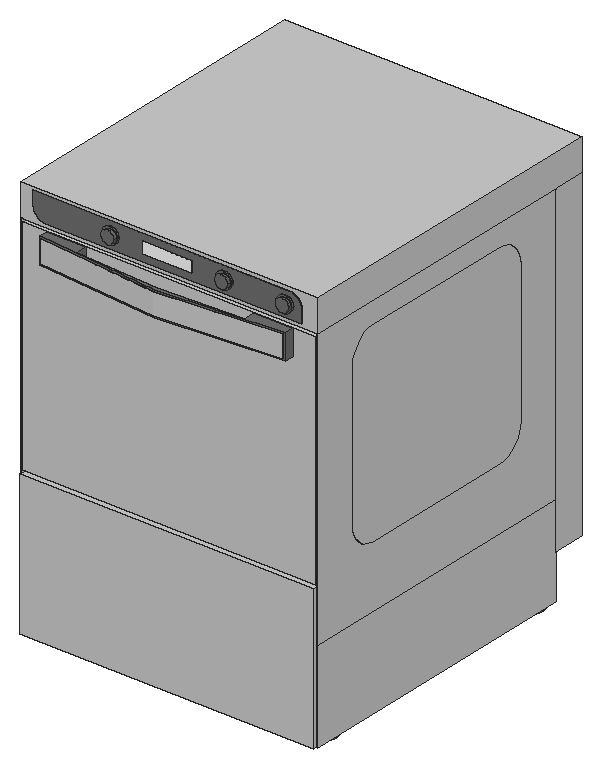
Revit family "QF_COMENDA_B02060_B02460CAT", category Attrezzature speciali, Revit 2021
Family settings
  Quota connettore circolare = Usa diametro
  Tipo di parte = Normale
  Numero OmniClass = 23.40.40.14
  Titolo OmniClass = Food Service Equipment
  Basato su piano di lavoro = No
  Sempre verticale = Sì
  Taglio con vuoti quando caricato = No
  Condiviso = No
  Punto di calcolo locali = No
Parameters (values of type "B02460")
  URL catalogo = "https://comenda.eu/download/equilybra/"
  URL = "www.comenda.eu"
  Tensione = 230 V
  Temperatura raccomandata per acqua fredda = 15 °C
  Show Logo [instance] = yes
  Show Clearance [instance] = yes
  Protezione contro le sovracorrenti = 16 A
  Prospetto di default = 0 mm
  Profondità = 515 mm
  Potenza elettrica = 2760 W
  Pessione minima acqua fredda = 2000.0 Pa
  Peso netto = 40.00 kg
  Numero dei poli = 1
  Modello = "EB28"
  Produttore = "COMENDA"
  Lunghezza = 460 mm
  Frequenza = 50 Hz
  Fase = 1
  Diametro dello scarico diretto di acqua = 1 3/8"
  Diametro condotta acqua fredda = 3/4"
  Descrizione = "SINGLE-PHASE GLASSWASHER WITH WATER SOFTENER"
  Corrente di funzionamento normale = 12 A
  Assembly Code = ""
  Altezza dello scarico diretto acqua da pavimento finito = 35 mm
  Altezza allacciamento elettrico da pavimento finito = 76 mm
  Altezza allacciamento acqua fredda da pavimento finito = 76 mm
  Altezza = 630 mm
Types (2, lengths in mm): name | Descrizione
  B02060 | "SINGLE-PHASE GLASSWASHER"
  B02460 | "SINGLE-PHASE GLASSWASHER WITH WATER SOFTENER"
Reference planes
  plane 1 "Back": y = -10
  plane 2: z = 0
  plane 3 "Left": x = 0
  plane 4 "Right": x = 460
  plane 5 "Front": y = -525
  plane 6 "Top": z = 630
Forms (mm)
  Extrusion 1, solid
    sketch origin (-278.068, 503.132, 400) x (0, 1, 0) y (0, 0, 1)
      loop
        line (-998.132, -171.9) -> (-1028.132, -171.9) -> (-1028.132, -393) -> (-998.132, -393) -> (-998.132, -171.9)
    from 281.068 to 735.068
  Extrusion 2, solid
    sketch origin (-0.2, 499.132, 365.752) x (0, 1, 0) y (0, 0, 1)
      loop
        line (-667.132, 180.4) -> (-912.132, 180.4)
        arc (-912.132, 180.4) -> (-940.416, 168.684) -> (-952.132, 140.4) r 40
        line (-952.132, 140.4) -> (-952.132, -79.72)
        arc (-952.132, -79.72) -> (-940.416, -108.004) -> (-912.132, -119.72) r 40
        line (-912.132, -119.72) -> (-667.132, -119.72)
        arc (-667.132, -119.72) -> (-638.848, -108.004) -> (-627.132, -79.72) r 40
        line (-627.132, -79.72) -> (-627.132, 140.4)
        arc (-627.132, 140.4) -> (-638.848, 168.684) -> (-667.132, 180.4) r 40
    from 0 to 2
  Extrusion 3, solid
    sketch origin (221.932, -470, 400) x (1, 0, 0) y (0, 0, 1)
      loop
        line (-218.932, 175.22) -> (-218.932, -167.9) -> (235.068, -167.9) -> (235.068, 175.22) -> (-218.932, 175.22)
    from 25 to 50
  Extrusion 4, solid
    sketch origin (-5, 503.132, 400) x (0, 1, 0) y (0, 0, 1)
      loop
        line (-513.132, 230) -> (-1023.132, 230) -> (-1023.132, 180.3) -> (-513.132, 180.3) -> (-513.132, 230)
    from 5 to 465
  Extrusion 5, solid
    sketch origin (-278.068, -46, 400) x (1, 0, 0) y (0, 0, 1)
      loop
        circle (458.099, -364.995) r 19
    from 0 to 2
  Extrusion 6, solid
    sketch origin (25.354, -65.5, 395) x (1, 0, 0) y (0, 1, 0)
      loop
        circle (-4.8, -12) r 17.5
      loop
        circle (-4.8, -417.5) r 17.5
      loop
        circle (412.6, -12) r 17.5
      loop
        circle (412.6, -412.5) r 17.5
    from -395 to -388
  Extrusion 7, solid, visible <- "Show Clearance", detail levels coarse
    sketch origin (-5, 5, 404.516) x (0, 1, 0) y (0, 0, 1)
      loop
        line (-525, -171.9) -> (-525, 170.7)
        arc (-525, 170.7) -> (-760.279, 69.713) -> (-845, -171.9) r 318.199
        line (-845, -171.9) -> (-525, -171.9)
    from 8 to 462
  Extrusion 8, solid
    sketch origin (-278.068, 503.132, 148.5) x (1, 0, 0) y (0, 1, 0)
      loop
        line (738.068, -563.132) -> (278.068, -563.132) -> (278.068, -1023.132) -> (280.068, -1023.132) -> (280.068, -998.132) -> (736.068, -998.132) -> (736.068, -1023.132) -> (738.068, -1023.132) -> (738.068, -563.132)
    from 0 to 431.8
  Extrusion 9, solid
    sketch origin (-5, -10, 580.3) x (-1, 0, 0) y (0, 1, 0)
      loop
        line (-5, 0) -> (-465, 0) -> (-465, -50) -> (-5, -50) -> (-5, 0)
    from 0 to 504
  Extrusion 10, solid
    sketch origin (458, 498.812, 365.796) x (0, 1, 0) y (0, 0, 1)
      loop
        line (-667.132, 180.4) -> (-912.132, 180.4)
        arc (-912.132, 180.4) -> (-940.416, 168.684) -> (-952.132, 140.4) r 40
        line (-952.132, 140.4) -> (-952.132, -79.72)
        arc (-952.132, -79.72) -> (-940.416, -108.004) -> (-912.132, -119.72) r 40
        line (-912.132, -119.72) -> (-667.132, -119.72)
        arc (-667.132, -119.72) -> (-638.848, -108.004) -> (-627.132, -79.72) r 40
        line (-627.132, -79.72) -> (-627.132, 140.4)
        arc (-627.132, 140.4) -> (-638.848, 168.684) -> (-667.132, 180.4) r 40
    from 0 to 2
  Extrusion 11, solid
    sketch origin (-5, -10, 76.3) x (0, -1, 0) y (-1, 0, 0)
      loop
        circle (20.005, -87) r 13
    from 0 to 17
  Extrusion 12, solid
    sketch origin (-5, -10, 76.3) x (0, -1, 0) y (-1, 0, 0)
      loop
        circle (24, -321) r 8
    from 0 to 5
  Extrusion 13, solid
    sketch origin (-278.068, 503.132, 148.5) x (0, 1, 0) y (1, 0, 0)
      loop
        line (-998.132, 736.068) -> (-998.132, 280.068) -> (-1023.132, 280.068) -> (-1023.132, 278.068) -> (-563.132, 278.068) -> (-563.132, 738.068) -> (-1023.132, 738.068) -> (-1023.132, 736.068) -> (-998.132, 736.068)
    from 0 to 141.7
  Extrusion 14, solid
    sketch origin (-285.684, -518.2, 415.434) x (1, 0, 0) y (0, 0, 1)
      loop
        line (325.192, 169.93) -> (721.192, 169.93) -> (721.192, 189.93)
        arc (721.192, 189.93) -> (715.334, 204.072) -> (701.192, 209.93) r 20
        line (701.192, 209.93) -> (305.192, 209.93) -> (305.192, 189.93)
        arc (305.192, 189.93) -> (311.05, 175.788) -> (325.192, 169.93) r 20
    from 0 to 2
  Extrusion 15, solid
    sketch origin (-280.551, -518.4, 423.702) x (1, 0, 0) y (0, 0, 1)
      loop
        line (469.568, 190.618) -> (469.568, 172.618) -> (545.568, 172.618) -> (545.568, 190.618) -> (469.568, 190.618)
    from 0 to 2
  Extrusion 16, solid
    sketch origin (-288.051, -521.4, 424.2) x (1, 0, 0) y (0, 0, 1)
      loop
        circle (697.56, 181.053) r 10
      loop
        circle (603.573, 180.863) r 10
      loop
        circle (427.568, 181.029) r 10
    from 0 to 5
  Extrusion 17, solid
    sketch origin (-285.684, -520.2, 415.434) x (1, 0, 0) y (0, 0, 1)
      loop
        circle (425.2, 189.795) r 12.5
      loop
        circle (601.205, 189.629) r 12.5
      loop
        circle (695.192, 189.819) r 12.546
    from 0 to 2
  Extrusion 18, solid
    sketch origin (22.211, -470, 575.22) x (1, 0, 0) y (0, 1, 0)
      loop
        line (79, -67.603) -> (79, -50) -> (19, -50) -> (19, -64.2)
        arc (19, -64.2) -> (209, -80.017) -> (399, -64.2) r 1149.069
        line (399, -64.2) -> (399, -50) -> (339, -50) -> (339, -67.603)
        arc (339, -67.603) -> (209, -74.981) -> (79, -67.603) r 1149.032
    from 0 to -40
  Extrusion 19, solid
    sketch origin (22.211, -470, 575.22) x (1, 0, 0) y (0, 1, 0)
      loop
        arc (395.21, -62.52) -> (207.957, -77.812) -> (20.704, -62.518) r 1154
        line (20.704, -62.518) -> (20.704, -65.02)
        arc (20.704, -65.02) -> (207.957, -80.314) -> (395.21, -65.02) r 1154
        line (395.21, -65.02) -> (395.21, -62.52)
    from -37 to -3
Lines and regions (mm)
  symbolic lines, style "200-EquipBorder-2D"
    curve 1: line (460, -60, 0) -> (0, -60, 0)
    curve 2: line (0, -10, 0) -> (0, -60, 0)
    curve 3: line (460, -10, 0) -> (0, -10, 0)
    curve 4: line (460, -60, 0) -> (460, -10, 0)
    curve 5: line (460, -525, 0) -> (460, -60, 0)
    curve 6: line (0, -60, 0) -> (0, -525, 0)
    curve 7: line (0, -525, 0) -> (460, -525, 0)
  symbolic lines, style "QF_Door-Drawer Clearances", visible <- "Show Clearance"
    curve 8: line (3, -525, 0) -> (3, -820, 0)
    curve 9: line (457, -820, 0) -> (3, -820, 0)
    curve 10: line (457, -820, 0) -> (457, -525, 0)
Dimensions and locks
  plane 3 "Left" to plane 4 "Right" = 460 mm
  plane 5 "Front" to plane 1 "Back" = 515 mm
  plane 6 "Top" to level = 630 mm  (x2)
  "Altezza": level to plane 6 "Top"
  "Lunghezza": plane 3 "Left" to plane 4 "Right"
  "Profondità": plane 1 "Back" to plane 5 "Front"
  Extrusion 4 to Extrusion 8 = 49.7 mm
  Extrusion 14 to Extrusion 15 sketch curve = 11.044 mm
  Extrusion 14 to Extrusion 15 sketch curve = 169.509 mm
  Extrusion 18 to Extrusion 19 sketch curve = 1.704 mm
  Extrusion 19 sketch curve to Extrusion 18 = 3.79 mm
  aligned and locked: level to plane 2
  aligned and locked: plane 6 "Top" to Extrusion 4
  aligned and locked: Extrusion 8 to Extrusion 1
  aligned and locked: Extrusion 4 to plane 4 "Right"
Automatic sketch dimensions
  level to Extrusion 5 sketch curve = 35.005 mm
  plane 3 "Left" to Extrusion 5 sketch curve = 180.031 mm
  Extrusion 1 sketch curve to plane 5 "Front" = 0 mm
  plane 5 "Front" to Extrusion 1 sketch curve = 30 mm
  level to Extrusion 1 sketch curve = 7 mm
  Extrusion 1 sketch curve to Extrusion 1 sketch curve = 221.1 mm
  plane 5 "Front" to Extrusion 2 sketch curve = 72 mm
  Extrusion 2 sketch curve to Extrusion 2 sketch curve = 40 mm  (x3)
  plane 1 "Back" to Extrusion 2 sketch curve = 158 mm  (x2)
  level to Extrusion 2 sketch curve = 246.032 mm
  Extrusion 2 sketch curve to plane 6 "Top" = 123.848 mm
  plane 3 "Left" to Extrusion 3 sketch curve = 3 mm
  plane 4 "Right" to Extrusion 3 sketch curve = 3 mm
  level to Extrusion 3 sketch curve = 232.1 mm
  Extrusion 3 sketch curve to plane 6 "Top" = 54.78 mm
  Extrusion 4 sketch curve to plane 6 "Top" = 0 mm
  Extrusion 4 sketch curve to plane 1 "Back" = 0 mm
  plane 5 "Front" to Extrusion 4 sketch curve = 5 mm
  Extrusion 4 sketch curve to plane 6 "Top" = 49.7 mm
  plane 3 "Left" to Extrusion 6 sketch curve = 20.554 mm  (x2)
  plane 4 "Right" to Extrusion 6 sketch curve = 22.046 mm  (x2)
  plane 5 "Front" to Extrusion 6 sketch curve = 42 mm
  plane 5 "Front" to Extrusion 6 sketch curve = 47 mm
  plane 1 "Back" to Extrusion 6 sketch curve = 67.5 mm  (x2)
  Extrusion 8 sketch curve to plane 3 "Left" = 0 mm
  Extrusion 8 sketch curve to plane 4 "Right" = 0 mm
  plane 3 "Left" to Extrusion 8 sketch curve = 2 mm
  plane 4 "Right" to Extrusion 8 sketch curve = 2 mm
  plane 5 "Front" to Extrusion 8 sketch curve = 5 mm  (x2)
  Extrusion 8 sketch curve to Extrusion 8 sketch curve = 25 mm
  plane 1 "Back" to Extrusion 8 sketch curve = 50 mm
  Extrusion 9 sketch curve to Extrusion 4 = 0 mm  (x2)
  Extrusion 4 to Extrusion 9 sketch curve = 0 mm
  Extrusion 4 to Extrusion 9 sketch curve = 50 mm
  plane 5 "Front" to Extrusion 10 sketch curve = 71.68 mm
  Extrusion 10 sketch curve to Extrusion 10 sketch curve = 40 mm  (x3)
  plane 1 "Back" to Extrusion 10 sketch curve = 158.32 mm  (x2)
  level to Extrusion 10 sketch curve = 246.076 mm
  Extrusion 10 sketch curve to plane 6 "Top" = 123.804 mm
  Extrusion 9 to Extrusion 11 sketch curve = 20.005 mm
  Extrusion 9 to Extrusion 11 sketch curve = 82 mm
  Extrusion 9 to Extrusion 12 sketch curve = 24 mm
  Extrusion 9 to Extrusion 12 sketch curve = 144 mm
  Extrusion 13 sketch curve to Extrusion 8 = 0 mm  (x7)
  Extrusion 8 to Extrusion 13 sketch curve = 0 mm
  plane 3 "Left" to Extrusion 14 sketch curve = 19.508 mm
  Extrusion 14 sketch curve to Extrusion 14 sketch curve = 20 mm  (x2)
  plane 4 "Right" to Extrusion 14 sketch curve = 44.492 mm
  plane 4 "Right" to Extrusion 14 sketch curve = 24.492 mm
  Extrusion 14 sketch curve to plane 6 "Top" = 44.636 mm
  Extrusion 15 sketch curve to Extrusion 15 sketch curve = 76 mm
  Extrusion 15 sketch curve to Extrusion 15 sketch curve = 18 mm
  Extrusion 16 sketch curve to Extrusion 16 sketch curve = 176.005 mm
  Extrusion 16 sketch curve to Extrusion 16 sketch curve = 93.987 mm
  Extrusion 16 sketch curve to Extrusion 16 sketch curve = 0.166 mm
  Extrusion 16 sketch curve to Extrusion 16 sketch curve = 0.19 mm
  Extrusion 17 sketch curve to Extrusion 14 = 19.865 mm
  Extrusion 17 sketch curve to Extrusion 14 = 120.009 mm
  Extrusion 17 sketch curve to Extrusion 14 = 19.699 mm
  Extrusion 17 sketch curve to Extrusion 14 = 119.987 mm
  Extrusion 17 sketch curve to Extrusion 14 = 26 mm
  Extrusion 17 sketch curve to Extrusion 14 = 19.889 mm
  plane 5 "Front" to Extrusion 18 sketch curve = 5 mm  (x2)
  plane 3 "Left" to Extrusion 18 sketch curve = 41.211 mm
  Extrusion 18 sketch curve to Extrusion 18 sketch curve = 60 mm
  plane 4 "Right" to Extrusion 18 sketch curve = 228.789 mm
  Extrusion 18 sketch curve to Extrusion 18 sketch curve = 0 mm
  plane 4 "Right" to Extrusion 18 sketch curve = 98.789 mm
  Extrusion 18 sketch curve to plane 5 "Front" = 9.2 mm
  plane 4 "Right" to Extrusion 18 sketch curve = 38.789 mm
  Extrusion 18 sketch curve to plane 5 "Front" = 12.603 mm
  Extrusion 18 sketch curve to plane 1 "Back" = 609.051 mm
  Extrusion 18 sketch curve to Extrusion 18 sketch curve = 5 mm
  Extrusion 18 to Extrusion 19 sketch curve = 128.957 mm
  Extrusion 19 sketch curve to Extrusion 19 sketch curve = 0.008 mm
  Extrusion 19 sketch curve to Extrusion 18 = 15.02 mm
  Extrusion 19 sketch curve to Extrusion 19 sketch curve = 2.5 mm
  Extrusion 18 to Extrusion 19 sketch curve = 1123.686 mm
  Extrusion 19 sketch curve to Extrusion 19 sketch curve = 2.501 mm
  plane 5 "Front" to Extrusion 7 sketch curve = 2.261 mm
  plane 5 "Front" to Extrusion 7 sketch curve = 5 mm
  level to Extrusion 7 sketch curve = 232.616 mm
  Extrusion 7 sketch curve to Extrusion 7 sketch curve = 24.413 mm
  Extrusion 7 sketch curve to plane 5 "Front" = 315 mm
  curve 6 to plane 3 "Left" = 0 mm
  plane 1 "Back" to curve 2 = 0 mm
  curve 2 to plane 3 "Left" = 0 mm
  curve 8 to plane 5 "Front" = 0 mm
  curve 10 to plane 5 "Front" = 0 mm
  curve 5 to plane 4 "Right" = 0 mm
  curve 4 to plane 4 "Right" = 0 mm
  curve 7 to plane 5 "Front" = 0 mm
  plane 3 "Left" to curve 8 = 3 mm
  plane 4 "Right" to curve 10 = 3 mm
  curve 8 to plane 5 "Front" = 295 mm
  plane 1 "Back" to curve 1 = 50 mm
  radius of Extrusion 5 sketch curve = 19 mm
  radius of Extrusion 6 sketch curve = 17.5 mm  (x4)
  radius of Extrusion 11 sketch curve = 13 mm
  radius of Extrusion 12 sketch curve = 8 mm
  radius of Extrusion 16 sketch curve = 10 mm  (x3)
  radius of Extrusion 17 sketch curve = 12.5 mm  (x2)
  radius of Extrusion 17 sketch curve = 12.546 mm
Connectors
  piping at (180.031, -46, 35.005), diameter 34.925, driven by "Diametro dello scarico diretto di acqua"
    settings: on Extrusion 5, index 2, connector inside diameter 24", connector length 0 mm, flow factor 0, pipe flow 0.0 L/s, pressure drop 0.0 Pa, fitting loss kfactor 0, connector angle 0.00°, fixture units 0, engagement length 0 mm, angle of deflection 0.00°, flow configuration 1, flow direction 2, fitting loss method 0, system type 16, joint type 0, gender type 0, connector reference index -1, connector utility 0, adjustable connector no, is connector primary yes, connector description "QF_Drain Connection"
  piping at (82, -30.005, 59.3), diameter 26
    settings: on Extrusion 11, index 3, connector inside diameter 24", connector length 0 mm, flow factor 0, pipe flow 0.0 L/s, pressure drop 0.0 Pa, fitting loss kfactor 0, connector angle 0.00°, fixture units 0, engagement length 0 mm, angle of deflection 0.00°, flow configuration 0, flow direction 1, fitting loss method 0, system type 20, joint type 0, gender type 0, connector reference index -1, connector utility 0, adjustable connector no, is connector primary no, connector description "QF_ water inniet"
  electrical at (316, -34, 71.3)
    settings: on Extrusion 12, index 4, voltage 220 V, apparent load 0 VA, apparent load phase1 0 VA, apparent load phase2 0 VA, apparent load phase3 0 VA, power factor 1, load classification "Altro", number of poles 1, system type 30, power factor state 1, is connector primary yes, connector utility no, sub classification motor no, connector description ""
